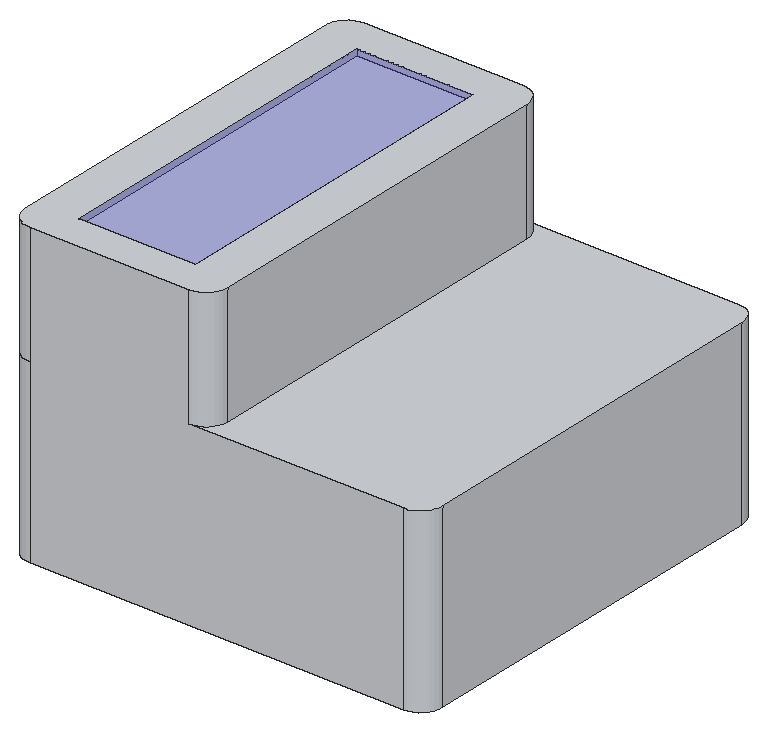
Revit family "Domotics-DomesticRanges-GEWISS-27COMBIDIN_SYSTEM-IP40_2M_4SY", category Apparecchi elettrici, host Superficie, Revit 2016
Family settings
  Host = Superficie
  Mantenere orientamento annotazione = No
  Tipo di parte = Normale
  Quota connettore circolare = Usa diametro
  Taglio con vuoti quando caricato = No
  Condiviso = No
  Punto di calcolo locali = No
Parameters (values of type "GW27071 - Enclosure 2mod.DIN+(2x2)mod. System")
  Version file RFA = "19.4"
  URL = "https://www.gewiss.com/ww/en"
  Type of knockout holes = "Removable with tool"
  Type of enclosure = "GP"
  Torque screws tightening = "0,8NM"
  Thermo-pressure with ball = "70 °C"
  Technical sheet = "https://www.gewiss.com/ww/en/search?q=GW27071"
  Standard; = "EN 60670-1 - EN 60670-24"
  Standard = "EN 60669-2-1"
  Shock resistance = "IK07"
  SEO = "Enclosure"
  Realized by GEWISS S.p.A. = ""
  Rated voltage: = "400V ac"
  Rated current (In) = "32A"
  Default Elevation = 1219.2 mm
  Profondità = 95 mm
  Produttore = "GEWISS S.p.A."
  Output contacts = "1NO 16 A (AC1) 250 V ac"
  Outer dim. LxHxD (mm) = "132x132x95"
  No. knockout holes Ã˜23 = "10 on sides / 2 on the bottom"
  No. knockout holes Ã˜ 23 = "10"
  No. SYSTEM modules = "4"
  No. DIN modules = "2"
  Modello = "GW27071"
  Lid screws = "Stainless steel"
  Larghezza = 132 mm
  Insulation voltage = "750V"
  Insulation class = "II"
  Installation temperature = "-25 +60 °C"
  Immagine tipo = GW27071.jpg
  IP degree = "IP40"
  IFC.TypeObject = ""
  IFC.ExportType = ""
  IFC.ExportAs = ""
  IDT = "1e104662-b0c2-4183-8d58-26241cd5dc0a"
  IDF = "d32ff7f1-8cb0-4db6-8fb0-ccd9dcd553d8"
  Glow Wire Test = "650°C"
  Electrocod = "0212"
  EAN code = "8011564055445"
  Door type = "Rigid"
  Door colour: = "Smoked Transparent"
  Dispersible power (W) = "13"
  Descrizione = "ENCLOSURE 2MOD.DIN+(2X2)MOD.SYSTEM"
  Configuration = "Module 2 x 2"
  Compartment pre-arrangement = "1"
  Colour = "Grey RAL 7035"
  Characteristics = "Halogen free"
  Catalogue Range = "27COMBI"
  Catalogue = "DOMOTICS"
  COBie.Tagnumber = ""
  COBie.CreatedOn = ""
  COBie.CreatebBy = ""
  COBie.ComponentRegisterItemID = ""
  COBie.Component.TagNumber = ""
  COBie.Component.Space = ""
  COBie.Component.SerialNumber = ""
  COBie.Component.InstallationDate = ""
  COBie.Component.Description = ""
  COBie.Component.BarCode = ""
  Altezza = 132 mm  # constant formula
Values of the unnamed type that differ from the named types
  Version file RFA = ""
  Type of knockout holes = ""
  Type of enclosure = ""
  Torque screws tightening = ""
  Thermo-pressure with ball = ""
  Technical sheet = ""
  Standard; = ""
  Standard = ""
  Shock resistance = ""
  SEO = ""
  Rated voltage: = ""
  Rated current (In) = ""
  Output contacts = ""
  Outer dim. LxHxD (mm) = ""
  No. knockout holes Ã˜23 = ""
  No. knockout holes Ã˜ 23 = ""
  No. SYSTEM modules = ""
  No. DIN modules = ""
  Lid screws = ""
  Insulation voltage = ""
  Insulation class = ""
  Installation temperature = ""
  IP degree = ""
  IDT = ""
  IDF = ""
  Glow Wire Test = ""
  Electrocod = ""
  EAN code = ""
  Door type = ""
  Door colour: = ""
  Dispersible power (W) = ""
  Configuration = ""
  Compartment pre-arrangement = ""
  Colour = ""
  Characteristics = ""
  Catalogue Range = ""
  Catalogue = ""
Reference planes
  plane 1 "Centro (Fronte/Retro)": y = 0
  plane 2: z = 0
  plane 3 "Centro (Sinistra/Destra)": x = 0
  plane 4 "Piano Allineamento Sportellino": z = 95
  plane 5: x = -2.56
  plane 6: z = 57.066
  plane 7: z = 32.066
  plane 8: z = 70
  plane 9: z = 93
  plane 10: x = 65.467
  plane 11: y = 66.019
  plane 12: y = -65.981
  plane 13: x = -66.533
  plane 14: x = -53.047
  plane 15: x = -52.047
  plane 16: x = -17.047
  plane 17: x = -16.047
  plane 18: y = 54.961
  plane 19: y = -53.961
  plane 20: y = -54.961
  plane 21: x = -16.047
  plane 22: x = -16.047
  plane 23: y = 53.961
  plane 24: x = 6.37
  plane 25: y = 2.72
  plane 26: y = -8.101
Forms (mm)
  Extrusion 1, solid
    sketch origin (0, -451.03, 0) x (1, 0, 0) y (0, 1, 0)
      loop
        line (-9.56, 517.049) -> (-59.533, 517.049)
        arc (-59.533, 517.049) -> (-64.483, 514.999) -> (-66.533, 510.049) r 7
        line (-66.533, 510.049) -> (-66.533, 392.049)
        arc (-66.533, 392.049) -> (-64.483, 387.1) -> (-59.533, 385.049) r 7
        line (-59.533, 385.049) -> (-9.56, 385.049)
        arc (-9.56, 385.049) -> (-4.61, 387.1) -> (-2.56, 392.049) r 7
        line (-2.56, 392.049) -> (-2.56, 510.049)
        arc (-2.56, 510.049) -> (-4.61, 514.999) -> (-9.56, 517.049) r 7
    from 57.066 to 95
  Extrusion 2, solid
    sketch origin (0, 0, 0) x (1, 0, 0) y (0, 1, 0)
      loop
        line (-66.533, 59.019) -> (-66.533, -58.981)
        arc (-66.533, -58.981) -> (-64.483, -63.931) -> (-59.533, -65.981) r 7
        line (-59.533, -65.981) -> (58.467, -65.981)
        arc (58.467, -65.981) -> (63.417, -63.931) -> (65.467, -58.981) r 7
        line (65.467, -58.981) -> (65.467, 59.019)
        arc (65.467, 59.019) -> (63.417, 63.969) -> (58.467, 66.019) r 7
        line (58.467, 66.019) -> (-59.533, 66.019)
        arc (-59.533, 66.019) -> (-64.483, 63.969) -> (-66.533, 59.019) r 7
    from 0 to 57.066
  Extrusion 3, void
    sketch origin (4.989, -5.381, 0) x (1, 0, 0) y (0, 1, 0)
      loop
        line (45.38, -2.72) -> (1.38, -2.72) -> (1.38, -49.58) -> (45.38, -49.58) -> (45.38, -2.72)
    from 32.066 to 57.066
  Extrusion 4, void
    sketch origin (0, 0, 0) x (1, 0, 0) y (0, 1, 0)
      loop
        line (-52.047, 53.961) -> (-52.047, -53.961) -> (-17.047, -53.961) -> (-17.047, 53.961) -> (-52.047, 53.961)
    from 70 to 93
  Extrusion 5, void
    sketch origin (0, 0, 0) x (1, 0, 0) y (0, 1, 0)
      loop
        line (-16.047, 54.961) -> (-53.047, 54.961) -> (-53.047, -54.961) -> (-16.047, -54.961) -> (-16.047, 54.961)
    from 93 to 95
  Extrusion 6, solid, material "GEWISS Sportellino"
    sketch origin (0, 0, 0) x (1, 0, 0) y (0, 1, 0)
      loop
        line (-16.047, 54.961) -> (-53.047, 54.961) -> (-53.047, -54.961) -> (-16.047, -54.961) -> (-16.047, 54.961)
    from 93 to 95
  Extrusion 7, void
    sketch origin (4.989, 52.299, 0) x (1, 0, 0) y (0, 1, 0)
      loop
        line (45.38, -2.72) -> (1.38, -2.72) -> (1.38, -49.58) -> (45.38, -49.58) -> (45.38, -2.72)
    from 32.066 to 57.066
Cuts and joins
  Extrusion 5, Extrusion 7 cuts Extrusion 1
  Extrusion 4 cuts Extrusion 2
  joined: Extrusion 1, Extrusion 2
Lines and regions (mm)
  Filled region 1, type "GW27071Q.DXF-1", in view "Livello rif."
    outline origin (0, 0, 0) x (1, 0, 0) y (0, 1, 0)
      loop
        line (260.935, -29.653) -> (261.769, -34.653) -> (262.602, -29.653) -> (260.935, -29.653)
  Filled region 2, type "GW27071Q.DXF-1", in view "Livello rif."
    outline origin (0, 0, 0) x (1, 0, 0) y (0, 1, 0)
      loop
        line (260.935, 92.347) -> (262.602, 92.347) -> (261.769, 97.347) -> (260.935, 92.347)
  Filled region 3, type "GW27071Q.DXF-1", in view "Livello rif."
    outline origin (0, 0, 0) x (1, 0, 0) y (0, 1, 0)
      loop
        line (105.985, -59.146) -> (100.985, -59.979) -> (105.985, -60.812) -> (105.985, -59.146)
  Filled region 4, type "GW27071Q.DXF-1", in view "Livello rif."
    outline origin (0, 0, 0) x (1, 0, 0) y (0, 1, 0)
      loop
        line (227.985, -59.146) -> (227.985, -60.812) -> (232.985, -59.979) -> (227.985, -59.146)
  Filled region 5, type "GW27071Q.DXF-1", in view "Livello rif."
    outline origin (0, 0, 0) x (1, 0, 0) y (0, 1, 0)
      loop
        line (120.381, 113.489) -> (115.381, 112.656) -> (120.381, 111.823) -> (120.381, 113.489)
  Filled region 6, type "GW27071Q.DXF-1", in view "Livello rif."
    outline origin (0, 0, 0) x (1, 0, 0) y (0, 1, 0)
      loop
        line (145.381, 113.489) -> (145.381, 111.823) -> (150.381, 112.656) -> (145.381, 113.489)
  Filled region 7, type "GW27071Q.DXF-1", in view "Livello rif."
    outline origin (0, 0, 0) x (1, 0, 0) y (0, 1, 0)
      loop
        line (249.289, 75.924) -> (250.956, 75.924) -> (250.123, 80.924) -> (249.289, 75.924)
  Filled region 8, type "GW27071Q.DXF-1", in view "Livello rif."
    outline origin (0, 0, 0) x (1, 0, 0) y (0, 1, 0)
      loop
        line (249.289, -12.076) -> (250.123, -17.076) -> (250.956, -12.076) -> (249.289, -12.076)
  Filled region 9, type "GW27071Q.DXF-1", in view "Livello rif."
    outline origin (0, 0, 0) x (1, 0, 0) y (0, 1, 0)
      loop
        line (116.985, -49.734) -> (111.985, -50.567) -> (116.985, -51.4) -> (116.985, -49.734)
  Filled region 10, type "GW27071Q.DXF-1", in view "Livello rif."
    outline origin (0, 0, 0) x (1, 0, 0) y (0, 1, 0)
      loop
        line (216.985, -49.734) -> (216.985, -51.4) -> (221.985, -50.567) -> (216.985, -49.734)
  Filled region 11, type "GW27071Q.DXF-1", in view "Livello rif."
    outline origin (0, 0, 0) x (1, 0, 0) y (0, 1, 0)
      loop
        line (53.574, 133.277) -> (53.574, 131.611) -> (58.574, 132.444) -> (53.574, 133.277)
  Filled region 12, type "GW27071Q.DXF-1", in view "Livello rif."
    outline origin (0, 0, 0) x (1, 0, 0) y (0, 1, 0)
      loop
        line (17.434, 133.277) -> (12.434, 132.444) -> (17.434, 131.611) -> (17.434, 133.277)
  Filled region 13, type "GW27071Q.DXF-1", in view "Livello rif."
    outline origin (0, 0, 0) x (1, 0, 0) y (0, 1, 0)
      loop
        line (17.434, 116.721) -> (12.434, 115.888) -> (17.434, 115.054) -> (17.434, 116.721)
  Filled region 14, type "GW27071Q.DXF-1", in view "Livello rif."
    outline origin (0, 0, 0) x (1, 0, 0) y (0, 1, 0)
      loop
        line (37.434, 116.721) -> (37.434, 115.054) -> (42.434, 115.888) -> (37.434, 116.721)
  Filled region 15, type "GW27071Q.DXF-1", in view "Livello rif."
    outline origin (0, 0, 0) x (1, 0, 0) y (0, 1, 0)
      loop
        line (47.434, 116.721) -> (42.434, 115.888) -> (47.434, 115.054) -> (47.434, 116.721)
  Filled region 16, type "GW27071Q.DXF-1", in view "Livello rif."
    outline origin (0, 0, 0) x (1, 0, 0) y (0, 1, 0)
      loop
        line (53.574, 116.721) -> (53.574, 115.054) -> (58.574, 115.888) -> (53.574, 116.721)
  Filled region 17, type "GW27071Q.DXF-1", in view "Livello rif."
    outline origin (0, 0, 0) x (1, 0, 0) y (0, 1, 0)
      loop
        line (34.678, -62.533) -> (34.678, -64.2) -> (39.678, -63.366) -> (34.678, -62.533)
  Filled region 18, type "GW27071Q.DXF-1", in view "Livello rif."
    outline origin (0, 0, 0) x (1, 0, 0) y (0, 1, 0)
      loop
        line (17.938, -62.533) -> (12.938, -63.366) -> (17.938, -64.2) -> (17.938, -62.533)
  Filled region 19, type "GW27071Q.DXF-1", in view "Livello rif."
    outline origin (0, 0, 0) x (1, 0, 0) y (0, 1, 0)
      loop
        line (34.678, -45.003) -> (34.678, -46.67) -> (39.678, -45.836) -> (34.678, -45.003)
  Filled region 20, type "GW27071Q.DXF-1", in view "Livello rif."
    outline origin (0, 0, 0) x (1, 0, 0) y (0, 1, 0)
      loop
        line (42.138, -45.003) -> (37.138, -45.836) -> (42.138, -46.67) -> (42.138, -45.003)
  Filled region 21, type "GW27071Q.DXF-1", in view "Livello rif."
    outline origin (0, 0, 0) x (1, 0, 0) y (0, 1, 0)
      loop
        line (44.678, -44.823) -> (39.678, -45.656) -> (44.678, -46.49) -> (44.678, -44.823)
  Filled region 22, type "GW27071Q.DXF-1", in view "Livello rif."
    outline origin (0, 0, 0) x (1, 0, 0) y (0, 1, 0)
      loop
        line (52.278, -44.823) -> (52.278, -46.49) -> (57.278, -45.656) -> (52.278, -44.823)
  Filled region 23, type "GW27071Q.DXF-1", in view "Livello rif."
    outline origin (0, 0, 0) x (1, 0, 0) y (0, 1, 0)
      loop
        line (212.797, 109.74) -> (212.797, 108.073) -> (217.797, 108.907) -> (212.797, 109.74)
  Filled region 24, type "GW27071Q.DXF-1", in view "Livello rif."
    outline origin (0, 0, 0) x (1, 0, 0) y (0, 1, 0)
      loop
        line (176.797, 109.74) -> (171.797, 108.907) -> (176.797, 108.073) -> (176.797, 109.74)
  Filled region 25, type "GW27071Q.DXF-1", in view "Sinistra"
    outline origin (0, 0, 0) x (0, -1, 0) y (0, 0, 1)
      loop
        line (101.84, 5) -> (100.174, 5) -> (101.007, 0) -> (101.84, 5)
  Filled region 26, type "GW27071Q.DXF-1", in view "Sinistra"
    outline origin (0, 0, 0) x (0, -1, 0) y (0, 0, 1)
      loop
        line (101.84, 90) -> (101.007, 95) -> (100.174, 90) -> (101.84, 90)
  Filled region 27, type "GW27071Q.DXF-1", in view "Sinistra"
    outline origin (0, 0, 0) x (0, -1, 0) y (0, 0, 1)
      loop
        line (85.284, 90) -> (84.451, 95) -> (83.617, 90) -> (85.284, 90)
  Filled region 28, type "GW27071Q.DXF-1", in view "Sinistra"
    outline origin (0, 0, 0) x (0, -1, 0) y (0, 0, 1)
      loop
        line (85.284, 70) -> (83.617, 70) -> (84.451, 65) -> (85.284, 70)
  Filled region 29, type "GW27071Q.DXF-1", in view "Sinistra"
    outline origin (0, 0, 0) x (0, -1, 0) y (0, 0, 1)
      loop
        line (85.284, 60) -> (84.451, 65) -> (83.617, 60) -> (85.284, 60)
  Filled region 30, type "GW27071Q.DXF-1", in view "Sinistra"
    outline origin (0, 0, 0) x (0, -1, 0) y (0, 0, 1)
      loop
        line (85.284, 5) -> (83.617, 5) -> (84.451, 0) -> (85.284, 5)
  Filled region 31, type "GW27071Q.DXF-1", in view "Sinistra"
    outline origin (0, 0, 0) x (0, -1, 0) y (0, 0, 1)
      loop
        line (-93.97, 23.896) -> (-95.637, 23.896) -> (-94.803, 18.896) -> (-93.97, 23.896)
  Filled region 32, type "GW27071Q.DXF-1", in view "Sinistra"
    outline origin (0, 0, 0) x (0, -1, 0) y (0, 0, 1)
      loop
        line (-93.97, 89.496) -> (-94.803, 94.496) -> (-95.637, 89.496) -> (-93.97, 89.496)
  Filled region 33, type "GW27071Q.DXF-1", in view "Sinistra"
    outline origin (0, 0, 0) x (0, -1, 0) y (0, 0, 1)
      loop
        line (-76.44, 23.896) -> (-78.107, 23.896) -> (-77.273, 18.896) -> (-76.44, 23.896)
  Filled region 34, type "GW27071Q.DXF-1", in view "Sinistra"
    outline origin (0, 0, 0) x (0, -1, 0) y (0, 0, 1)
      loop
        line (-76.44, 65.296) -> (-77.273, 70.296) -> (-78.107, 65.296) -> (-76.44, 65.296)
  Filled region 35, type "GW27071Q.DXF-1", in view "Sinistra"
    outline origin (0, 0, 0) x (0, -1, 0) y (0, 0, 1)
      loop
        line (-76.26, 58.896) -> (-77.927, 58.896) -> (-77.093, 18.896) -> (-76.26, 58.896)
  Filled region 36, type "GW27071Q.DXF-1", in view "Sinistra"
    outline origin (0, 0, 0) x (0, -1, 0) y (0, 0, 1)
      loop
        line (-76.26, 51.296) -> (-77.927, 51.296) -> (-77.093, 1.296) -> (-76.26, 51.296)
  Filled region 37, type "GW27071Q.DXF-1", in view "Sinistra", not visible
    outline origin (0, 0, 0) x (0, -1, 0) y (0, 0, 1)
      loop
        line (295.687, 963.746) -> (295.687, 962.08) -> (300.687, 962.913) -> (295.687, 963.746)
  Filled region 38, type "GW27071Q.DXF-1", in view "Sinistra", not visible
    outline origin (0, 0, 0) x (0, -1, 0) y (0, 0, 1)
      loop
        line (210.687, 963.746) -> (205.687, 962.913) -> (210.687, 962.08) -> (210.687, 963.746)
  Filled region 39, type "GW27071Q.DXF-1", in view "Sinistra", not visible
    outline origin (0, 0, 0) x (0, -1, 0) y (0, 0, 1)
      loop
        line (210.687, 947.19) -> (205.687, 946.356) -> (210.687, 945.523) -> (210.687, 947.19)
  Filled region 40, type "GW27071Q.DXF-1", in view "Sinistra", not visible
    outline origin (0, 0, 0) x (0, -1, 0) y (0, 0, 1)
      loop
        line (230.687, 947.19) -> (230.687, 945.523) -> (235.687, 946.356) -> (230.687, 947.19)
  Filled region 41, type "GW27071Q.DXF-1", in view "Sinistra", not visible
    outline origin (0, 0, 0) x (0, -1, 0) y (0, 0, 1)
      loop
        line (240.687, 947.19) -> (235.687, 946.356) -> (240.687, 945.523) -> (240.687, 947.19)
  Filled region 42, type "GW27071Q.DXF-1", in view "Sinistra", not visible
    outline origin (0, 0, 0) x (0, -1, 0) y (0, 0, 1)
      loop
        line (295.687, 947.19) -> (295.687, 945.523) -> (300.687, 946.356) -> (295.687, 947.19)
  Filled region 43, type "GW27071Q.DXF-1", in view "Sinistra", not visible
    outline origin (0, 0, 0) x (0, -1, 0) y (0, 0, 1)
      loop
        line (276.791, 767.936) -> (276.791, 766.269) -> (281.791, 767.103) -> (276.791, 767.936)
  Filled region 44, type "GW27071Q.DXF-1", in view "Sinistra", not visible
    outline origin (0, 0, 0) x (0, -1, 0) y (0, 0, 1)
      loop
        line (211.191, 767.936) -> (206.191, 767.103) -> (211.191, 766.269) -> (211.191, 767.936)
  Filled region 45, type "GW27071Q.DXF-1", in view "Sinistra", not visible
    outline origin (0, 0, 0) x (0, -1, 0) y (0, 0, 1)
      loop
        line (276.791, 785.466) -> (276.791, 783.799) -> (281.791, 784.632) -> (276.791, 785.466)
  Filled region 46, type "GW27071Q.DXF-1", in view "Sinistra", not visible
    outline origin (0, 0, 0) x (0, -1, 0) y (0, 0, 1)
      loop
        line (235.391, 785.466) -> (230.391, 784.632) -> (235.391, 783.799) -> (235.391, 785.466)
  Filled region 47, type "GW27071Q.DXF-1", in view "Sinistra", not visible
    outline origin (0, 0, 0) x (0, -1, 0) y (0, 0, 1)
      loop
        line (286.791, 785.646) -> (281.791, 784.812) -> (286.791, 783.979) -> (286.791, 785.646)
  Filled region 48, type "GW27071Q.DXF-1", in view "Sinistra", not visible
    outline origin (0, 0, 0) x (0, -1, 0) y (0, 0, 1)
      loop
        line (294.391, 785.646) -> (294.391, 783.979) -> (299.391, 784.812) -> (294.391, 785.646)
  model lines, detail levels fine
    curve 1: line (-14.013, 63.947, 95) -> (-14.013, 53.914, 95)
    curve 2: line (-9.267, 58.93, 95) -> (-18.758, 58.93, 95)
    curve 3: line (-14.013, -63.947, 95) -> (-14.013, -53.914, 95)
    curve 4: line (-9.267, -58.93, 95) -> (-18.758, -58.93, 95)
    curve 5: line (59.16, -63.911, 57.066) -> (59.16, -53.878, 57.066)
    curve 6: line (63.901, -58.899, 57.066) -> (54.39, -58.899, 57.066)
    curve 7: line (59.16, 63.947, 57.066) -> (59.16, 53.914, 57.066)
    curve 8: line (63.901, 58.935, 57.066) -> (54.41, 58.935, 57.066)
    curve 9: line (-60.216, -63.947, 95) -> (-60.216, -53.914, 95)
    curve 10: line (-64.957, -58.935, 95) -> (-55.442, -58.935, 95)
    curve 11: line (-60.216, 63.947, 95) -> (-60.216, 53.961, 95)
    curve 12: line (-64.957, 58.935, 95) -> (-55.466, 58.935, 95)
    curve 13: circle (-14.013, 58.93, 95) r 2.983 normal (0, 0, 1)
    curve 14: circle (-14.013, -58.93, 95) r 2.983 normal (0, 0, 1)
    curve 17: circle (59.155, -58.899, 57.066) r 2.983 normal (0, 0, 1)
    curve 18: circle (59.155, 58.935, 57.066) r 2.983 normal (0, 0, 1)
    curve 19: circle (-60.211, -58.935, 95) r 2.983 normal (0, 0, 1)
    curve 20: circle (-60.211, 58.935, 95) r 2.983 normal (0, 0, 1)
    curve 22: line (-16.147, 61.014, 95) -> (-11.878, 56.847, 95)
    curve 23: line (-16.147, -61.014, 95) -> (-11.878, -56.847, 95)
    curve 24: line (57.021, -60.983, 57.066) -> (61.29, -56.815, 57.066)
    curve 25: line (57.021, 61.019, 57.066) -> (61.29, 56.851, 57.066)
    curve 26: line (-58.077, -61.019, 95) -> (-62.346, -56.851, 95)
    curve 27: line (-58.077, 61.019, 95) -> (-62.346, 56.851, 95)
  model lines
    curve 15: arc (65.467, 58.93, 0) -> (63.423, 63.94, 0) -> (58.428, 66.019, 0) r 7.039
    curve 16: arc (58.063, -66.006, 0) -> (63.067, -63.923, 0) -> (65.115, -58.905, 0) r 7.052
    curve 21: line (58.063, -66.006, 0) -> (-60.213, -66.006, 0)
  model lines, not visible
    curve 28: arc (276.741, -20.994, 0) -> (277.939, -18.365, 0) -> (277.918, -15.476, 0) r 6.7
    curve 29: arc (264.087, -16.92, 0) -> (264.693, -19.757, 0) -> (266.434, -22.078, 0) r 6.754
    curve 30: arc (268.608, -16.92, 0) -> (269.839, -19.067, 0) -> (272.314, -19.095, 0) r 2.493
    curve 31: arc (268.969, -24.605, 0) -> (271.825, -24.886, 0) -> (274.574, -24.062, 0) r 7.427
    curve 32: arc (276.741, -12.853, 0) -> (274.6, -10.93, 0) -> (271.859, -10.052, 0) r 6.874
    curve 33: arc (268.969, -10.326, 0) -> (266.449, -11.778, 0) -> (264.721, -14.118, 0) r 7.102
    curve 34: arc (273.578, -16.92, 0) -> (272.344, -14.78, 0) -> (269.874, -14.755, 0) r 2.491
    curve 35: arc (268.969, -24.605, 0) -> (271.82, -24.986, 0) -> (274.546, -24.065, 0) r 6.329
    curve 36: arc (272.314, 81.969, 0) -> (269.839, 81.941, 0) -> (268.608, 79.794, 0) r 2.493
    curve 37: arc (274.574, 86.936, 0) -> (271.825, 87.76, 0) -> (268.969, 87.479, 0) r 7.427
    curve 38: arc (274.546, 86.939, 0) -> (271.82, 87.86, 0) -> (268.969, 87.479, 0) r 6.329
    curve 39: arc (266.434, 84.952, 0) -> (264.693, 82.631, 0) -> (264.087, 79.794, 0) r 6.754
    curve 40: arc (264.721, 76.992, 0) -> (266.449, 74.652, 0) -> (268.969, 73.2, 0) r 7.102
    curve 41: arc (277.918, 78.35, 0) -> (277.939, 81.239, 0) -> (276.741, 83.868, 0) r 6.7
    curve 42: arc (269.874, 77.629, 0) -> (272.344, 77.654, 0) -> (273.578, 79.794, 0) r 2.491
    curve 43: arc (271.859, 72.926, 0) -> (274.6, 73.804, 0) -> (276.741, 75.727, 0) r 6.874
    curve 44: arc (159.373, -19.095, 0) -> (161.848, -19.067, 0) -> (163.079, -16.92, 0) r 2.493
    curve 45: arc (157.113, -24.062, 0) -> (159.862, -24.886, 0) -> (162.719, -24.605, 0) r 7.427
    curve 46: arc (157.142, -24.065, 0) -> (159.867, -24.986, 0) -> (162.719, -24.605, 0) r 6.329
    curve 47: arc (165.253, -22.078, 0) -> (166.994, -19.757, 0) -> (167.601, -16.92, 0) r 6.754
    curve 48: arc (166.966, -14.118, 0) -> (165.239, -11.778, 0) -> (162.719, -10.326, 0) r 7.102
    curve 49: arc (153.769, -15.476, 0) -> (153.748, -18.365, 0) -> (154.946, -20.994, 0) r 6.7
    curve 50: arc (161.813, -14.755, 0) -> (159.343, -14.78, 0) -> (158.11, -16.92, 0) r 2.491
    curve 51: arc (159.828, -10.052, 0) -> (157.087, -10.93, 0) -> (154.946, -12.853, 0) r 6.874
    curve 52: arc (154.946, 75.727, 0) -> (157.087, 73.804, 0) -> (159.828, 72.926, 0) r 6.874
    curve 53: arc (162.719, 73.2, 0) -> (165.239, 74.652, 0) -> (166.966, 76.992, 0) r 7.102
    curve 54: arc (162.719, 87.479, 0) -> (159.867, 87.86, 0) -> (157.142, 86.939, 0) r 6.329
    curve 55: arc (162.719, 87.479, 0) -> (159.862, 87.76, 0) -> (157.113, 86.936, 0) r 7.427
    curve 56: arc (163.079, 79.794, 0) -> (161.848, 81.941, 0) -> (159.373, 81.969, 0) r 2.493
    curve 57: arc (167.601, 79.794, 0) -> (166.994, 82.631, 0) -> (165.253, 84.952, 0) r 6.754
    curve 58: arc (158.11, 79.794, 0) -> (159.343, 77.654, 0) -> (161.813, 77.629, 0) r 2.491
    curve 59: arc (154.946, 83.868, 0) -> (153.748, 81.239, 0) -> (153.769, 78.35, 0) r 6.7
    curve 60: line (266.434, -22.078, 0) -> (264.087, -16.92, 0)
    curve 61: line (277.918, -15.476, 0) -> (276.741, -20.994, 0)
    curve 62: line (272.314, -19.095, 0) -> (268.608, -16.92, 0)
    curve 63: line (274.574, -24.062, 0) -> (268.969, -24.605, 0)
    curve 64: line (271.859, -10.052, 0) -> (276.741, -12.853, 0)
    curve 65: line (264.721, -14.118, 0) -> (268.969, -10.326, 0)
    curve 66: line (269.874, -14.755, 0) -> (273.578, -16.92, 0)
    curve 67: line (272.314, 81.969, 0) -> (268.608, 79.794, 0)
    curve 68: line (274.574, 86.936, 0) -> (268.969, 87.479, 0)
    curve 69: line (266.434, 84.952, 0) -> (264.087, 79.794, 0)
    curve 70: line (264.721, 76.992, 0) -> (268.969, 73.2, 0)
    curve 71: line (277.918, 78.35, 0) -> (276.741, 83.868, 0)
    curve 72: line (269.874, 77.629, 0) -> (273.578, 79.794, 0)
    curve 73: line (271.859, 72.926, 0) -> (276.741, 75.727, 0)
    curve 74: line (159.373, -19.095, 0) -> (163.079, -16.92, 0)
    curve 75: line (157.113, -24.062, 0) -> (162.719, -24.605, 0)
    curve 76: line (165.253, -22.078, 0) -> (167.601, -16.92, 0)
    curve 77: line (166.966, -14.118, 0) -> (162.719, -10.326, 0)
    curve 78: line (153.769, -15.476, 0) -> (154.946, -20.994, 0)
    curve 79: line (161.813, -14.755, 0) -> (158.11, -16.92, 0)
    curve 80: line (159.828, -10.052, 0) -> (154.946, -12.853, 0)
    curve 81: line (159.828, 72.926, 0) -> (154.946, 75.727, 0)
    curve 82: line (166.966, 76.992, 0) -> (162.719, 73.2, 0)
    curve 83: line (157.142, 86.939, 0) -> (162.719, 87.479, 0)
    curve 84: line (159.373, 81.969, 0) -> (163.079, 79.794, 0)
    curve 85: line (165.253, 84.952, 0) -> (167.601, 79.794, 0)
    curve 86: line (161.813, 77.629, 0) -> (158.11, 79.794, 0)
    curve 87: line (153.769, 78.35, 0) -> (154.946, 83.868, 0)
    curve 88: line (202.275, 95.384, 0) -> (202.275, 85.351, 0)
    curve 89: line (207.021, 90.368, 0) -> (197.53, 90.368, 0)
    curve 90: line (202.275, -32.51, 0) -> (202.275, -22.477, 0)
    curve 91: line (207.021, -27.493, 0) -> (197.53, -27.493, 0)
    curve 92: line (275.615, -32.51, 0) -> (275.615, -22.477, 0)
    curve 93: line (280.356, -27.498, 0) -> (270.845, -27.498, 0)
    curve 94: line (275.615, 95.384, 0) -> (275.615, 85.351, 0)
    curve 95: line (280.356, 90.372, 0) -> (270.865, 90.372, 0)
    curve 96: line (156.072, -32.51, 0) -> (156.072, -22.477, 0)
    curve 97: line (151.331, -27.498, 0) -> (160.845, -27.498, 0)
    curve 98: line (156.072, 95.384, 0) -> (156.072, 85.351, 0)
    curve 99: line (151.331, 90.372, 0) -> (160.822, 90.372, 0)
    curve 100: line (289.744, 31.437, 0) -> (142.831, 31.437, 0)
    curve 101: arc (156.804, 97.456, 0) -> (151.809, 95.377, 0) -> (149.765, 90.368, 0) r 7.039
    curve 102: arc (195.602, -22.524, 0) -> (181.766, -8.688, 0) -> (167.931, -22.524, 0) r 13.836
    curve 103: arc (196.241, -22.524, 0) -> (198.363, -21.645, 0) -> (199.241, -19.524, 0) r 3
    curve 104: arc (199.241, 82.398, 0) -> (198.363, 84.519, 0) -> (196.241, 85.398, 0) r 3
    curve 105: circle (202.275, 90.368, 0) r 2.983 normal (0, 0, 1)
    curve 106: circle (202.275, -27.493, 0) r 2.983 normal (0, 0, 1)
    curve 107: arc (213.717, 90.368, 0) -> (211.673, 95.377, 0) -> (206.678, 97.456, 0) r 7.039
    curve 108: arc (149.765, -27.493, 0) -> (151.559, -32.237, 0) -> (156.075, -34.544, 0) r 7.039
    curve 109: arc (206.678, -34.582, 0) -> (211.673, -32.503, 0) -> (213.717, -27.493, 0) r 7.039
    curve 110: arc (281.922, 90.368, 0) -> (279.878, 95.377, 0) -> (274.883, 97.456, 0) r 7.039
    curve 111: arc (274.883, -34.582, 0) -> (279.878, -32.503, 0) -> (281.922, -27.493, 0) r 7.039
    curve 112: arc (222.657, 27.687, 0) -> (221.243, 27.101, 0) -> (220.657, 25.687, 0) r 2
    curve 113: arc (266.657, 25.687, 0) -> (266.072, 27.101, 0) -> (264.657, 27.687, 0) r 2
    curve 114: arc (266.657, 22.687, 0) -> (266.072, 24.101, 0) -> (264.657, 24.687, 0) r 2
    curve 115: arc (264.657, -20.313, 0) -> (266.072, -19.727, 0) -> (266.657, -18.313, 0) r 2
    curve 116: arc (220.657, -18.313, 0) -> (221.243, -19.727, 0) -> (222.657, -20.313, 0) r 2
    curve 117: arc (244.109, -18.327, 0) -> (244.648, -19.498, 0) -> (245.647, -20.313, 0) r 2.858
    curve 118: arc (241.574, -20.313, 0) -> (242.573, -19.498, 0) -> (243.112, -18.327, 0) r 2.858
    curve 119: arc (222.657, 24.687, 0) -> (221.243, 24.101, 0) -> (220.657, 22.687, 0) r 2
    curve 120: arc (243.112, 22.701, 0) -> (242.573, 23.872, 0) -> (241.574, 24.687, 0) r 2.858
    curve 121: arc (245.647, 24.687, 0) -> (244.648, 23.872, 0) -> (244.109, 22.701, 0) r 2.858
    curve 122: arc (220.657, 37.187, 0) -> (221.243, 35.773, 0) -> (222.657, 35.187, 0) r 2
    curve 123: arc (222.657, 80.187, 0) -> (221.243, 79.601, 0) -> (220.657, 78.187, 0) r 2
    curve 124: arc (222.657, 83.187, 0) -> (221.243, 82.601, 0) -> (220.657, 81.187, 0) r 2
    curve 125: circle (275.611, -27.498, 0) r 2.983 normal (0, 0, 1)
    curve 126: circle (275.611, 90.372, 0) r 2.983 normal (0, 0, 1)
    curve 127: arc (241.574, 35.187, 0) -> (242.573, 36.002, 0) -> (243.112, 37.173, 0) r 2.858
    curve 128: arc (244.109, 37.173, 0) -> (244.648, 36.002, 0) -> (245.647, 35.187, 0) r 2.858
    curve 129: arc (245.647, 80.187, 0) -> (244.648, 79.372, 0) -> (244.109, 78.201, 0) r 2.858
    curve 130: arc (243.112, 78.201, 0) -> (242.573, 79.372, 0) -> (241.574, 80.187, 0) r 2.858
    curve 131: arc (264.657, 35.187, 0) -> (266.072, 35.773, 0) -> (266.657, 37.187, 0) r 2
    curve 132: arc (266.657, 78.187, 0) -> (266.072, 79.601, 0) -> (264.657, 80.187, 0) r 2
    curve 133: arc (266.657, 81.187, 0) -> (266.072, 82.601, 0) -> (264.657, 83.187, 0) r 2
    curve 134: circle (156.077, -27.498, 0) r 2.983 normal (0, 0, 1)
    curve 135: arc (164.241, -19.524, 0) -> (165.12, -21.645, 0) -> (167.241, -22.524, 0) r 3
    curve 136: circle (156.077, 90.372, 0) r 2.983 normal (0, 0, 1)
    curve 137: arc (167.241, 85.398, 0) -> (165.12, 84.519, 0) -> (164.241, 82.398, 0) r 3
    curve 138: line (281.845, -27.493, 0) -> (281.845, 90.368, 0)
    curve 139: line (275.613, -34.544, 0) -> (156.075, -34.544, 0)
    curve 140: line (149.755, 90.368, 0) -> (149.755, -27.493, 0)
    curve 141: line (213.728, 90.368, 0) -> (213.728, -27.493, 0)
    curve 142: line (196.241, -22.524, 0) -> (167.241, -22.524, 0)
    curve 143: line (167.241, 85.398, 0) -> (196.241, 85.398, 0)
    curve 144: line (164.241, -19.524, 0) -> (164.241, 82.398, 0)
    curve 145: line (188.195, -2.552, 0) -> (193.792, -2.552, 0)
    curve 146: line (188.195, 8.478, 0) -> (193.792, 8.478, 0)
    curve 147: line (199.241, -19.524, 0) -> (199.241, 82.398, 0)
    curve 148: line (164.241, 65.427, 0) -> (199.241, 65.427, 0)
    curve 149: line (164.241, 54.396, 0) -> (199.241, 54.396, 0)
    curve 150: line (164.241, 8.478, 0) -> (199.241, 8.478, 0)
    curve 151: line (164.241, -2.552, 0) -> (199.241, -2.552, 0)
    curve 152: line (164.241, -15.562, 0) -> (199.241, -15.562, 0)
    curve 153: line (200.141, 92.451, 0) -> (204.41, 88.284, 0)
    curve 154: line (200.141, -29.577, 0) -> (204.41, -25.41, 0)
    curve 155: line (274.883, 97.456, 0) -> (156.804, 97.456, 0)
    curve 156: line (220.657, -18.313, 0) -> (220.657, 24.687, 0)
    curve 157: line (220.657, 24.687, 0) -> (220.657, 25.687, 0)
    curve 158: line (266.657, 25.687, 0) -> (266.657, -18.313, 0)
    curve 159: line (225.668, -20.313, 0) -> (225.668, -18.327, 0)
    curve 160: line (225.668, -18.327, 0) -> (239.681, -18.327, 0)
    curve 161: line (239.681, -18.327, 0) -> (239.681, -20.313, 0)
    curve 162: line (264.657, -20.313, 0) -> (222.657, -20.313, 0)
    curve 163: line (247.634, -20.313, 0) -> (247.634, -18.327, 0)
    curve 164: line (247.634, -18.327, 0) -> (261.647, -18.327, 0)
    curve 165: line (261.647, -18.327, 0) -> (261.647, -20.313, 0)
    curve 166: line (243.112, -18.327, 0) -> (244.109, -18.327, 0)
    curve 167: line (244.109, -18.327, 0) -> (243.112, -18.327, 0)
    curve 168: line (225.668, 24.687, 0) -> (225.668, 22.701, 0)
    curve 169: line (225.668, 22.701, 0) -> (239.681, 22.701, 0)
    curve 170: line (239.681, 22.701, 0) -> (239.681, 24.687, 0)
    curve 171: line (222.657, 24.687, 0) -> (264.657, 24.687, 0)
    curve 172: line (247.634, 24.687, 0) -> (247.634, 22.701, 0)
    curve 173: line (247.634, 22.701, 0) -> (261.647, 22.701, 0)
    curve 174: line (261.647, 22.701, 0) -> (261.647, 24.687, 0)
    curve 175: line (243.112, 22.701, 0) -> (244.109, 22.701, 0)
    curve 176: line (244.109, 22.701, 0) -> (243.112, 22.701, 0)
    curve 177: line (220.657, 37.187, 0) -> (220.657, 80.187, 0)
    curve 178: line (220.657, 80.187, 0) -> (220.657, 81.187, 0)
    curve 179: line (222.657, 27.687, 0) -> (264.657, 27.687, 0)
    curve 180: line (222.657, 35.187, 0) -> (264.657, 35.187, 0)
    curve 181: line (264.657, 35.187, 0) -> (222.657, 35.187, 0)
    curve 182: line (264.657, 80.187, 0) -> (222.657, 80.187, 0)
    curve 183: line (222.657, 80.187, 0) -> (264.657, 80.187, 0)
    curve 184: line (273.476, -29.582, 0) -> (277.745, -25.414, 0)
    curve 185: line (273.476, 92.456, 0) -> (277.745, 88.288, 0)
    curve 186: line (247.634, 80.187, 0) -> (247.634, 78.201, 0)
    curve 187: line (247.634, 78.201, 0) -> (261.647, 78.201, 0)
    curve 188: line (261.647, 78.201, 0) -> (261.647, 80.187, 0)
    curve 189: line (222.657, 83.187, 0) -> (264.657, 83.187, 0)
    curve 190: line (247.634, 35.187, 0) -> (247.634, 37.173, 0)
    curve 191: line (247.634, 37.173, 0) -> (261.647, 37.173, 0)
    curve 192: line (261.647, 37.173, 0) -> (261.647, 35.187, 0)
    curve 193: line (225.668, 35.187, 0) -> (225.668, 37.173, 0)
    curve 194: line (225.668, 37.173, 0) -> (239.681, 37.173, 0)
    curve 195: line (239.681, 37.173, 0) -> (239.681, 35.187, 0)
    curve 196: line (244.109, 37.173, 0) -> (243.112, 37.173, 0)
    curve 197: line (243.112, 37.173, 0) -> (244.109, 37.173, 0)
    curve 198: line (225.668, 80.187, 0) -> (225.668, 78.201, 0)
    curve 199: line (225.668, 78.201, 0) -> (239.681, 78.201, 0)
    curve 200: line (239.681, 78.201, 0) -> (239.681, 80.187, 0)
    curve 201: line (244.109, 78.201, 0) -> (243.112, 78.201, 0)
    curve 202: line (243.112, 78.201, 0) -> (244.109, 78.201, 0)
    curve 203: line (266.657, 81.187, 0) -> (266.657, 37.187, 0)
    curve 204: line (158.211, -29.582, 0) -> (153.942, -25.414, 0)
    curve 205: line (158.211, 92.456, 0) -> (153.942, 88.288, 0)
    curve 206: line (283.203, -34.653, 0) -> (311.879, -34.653, 0)
    curve 207: line (283.203, 97.347, 0) -> (311.879, 97.347, 0)
    curve 208: line (310.629, -29.653, 0) -> (310.629, 92.347, 0)
    curve 209: line (309.796, -29.653, 0) -> (311.463, -29.653, 0)
    curve 210: line (311.463, -29.653, 0) -> (310.629, -34.653, 0)
    curve 211: line (310.629, -34.653, 0) -> (309.796, -29.653, 0)
    curve 212: line (309.796, 92.347, 0) -> (311.463, 92.347, 0)
    curve 213: line (311.463, 92.347, 0) -> (310.629, 97.347, 0)
    curve 214: line (310.629, 97.347, 0) -> (309.796, 92.347, 0)
    curve 215: line (149.845, -38.932, 0) -> (149.845, -61.229, 0)
    curve 216: line (281.845, -38.932, 0) -> (281.845, -61.229, 0)
    curve 217: line (154.845, -59.979, 0) -> (276.845, -59.979, 0)
    curve 218: line (154.845, -59.146, 0) -> (154.845, -60.812, 0)
    curve 219: line (154.845, -60.812, 0) -> (149.845, -59.979, 0)
    curve 220: line (149.845, -59.979, 0) -> (154.845, -59.146, 0)
    curve 221: line (276.845, -59.146, 0) -> (276.845, -60.812, 0)
    curve 222: line (276.845, -60.812, 0) -> (281.845, -59.979, 0)
    curve 223: line (281.845, -59.979, 0) -> (276.845, -59.146, 0)
    curve 224: line (164.241, 91.052, 0) -> (164.241, 113.906, 0)
    curve 225: line (199.241, 91.052, 0) -> (199.241, 113.906, 0)
    curve 226: line (169.241, 112.656, 0) -> (194.241, 112.656, 0)
    curve 227: line (169.241, 113.489, 0) -> (169.241, 111.823, 0)
    curve 228: line (169.241, 111.823, 0) -> (164.241, 112.656, 0)
    curve 229: line (164.241, 112.656, 0) -> (169.241, 113.489, 0)
    curve 230: line (194.241, 113.489, 0) -> (194.241, 111.823, 0)
    curve 231: line (194.241, 111.823, 0) -> (199.241, 112.656, 0)
    curve 232: line (199.241, 112.656, 0) -> (194.241, 113.489, 0)
    curve 233: line (271.876, 80.924, 0) -> (300.233, 80.924, 0)
    curve 234: line (271.876, -17.076, 0) -> (300.233, -17.076, 0)
    curve 235: line (298.983, 75.924, 0) -> (298.983, -12.076, 0)
    curve 236: line (298.15, 75.924, 0) -> (299.817, 75.924, 0)
    curve 237: line (299.817, 75.924, 0) -> (298.983, 80.924, 0)
    curve 238: line (298.983, 80.924, 0) -> (298.15, 75.924, 0)
    curve 239: line (298.15, -12.076, 0) -> (299.817, -12.076, 0)
    curve 240: line (299.817, -12.076, 0) -> (298.983, -17.076, 0)
    curve 241: line (298.983, -17.076, 0) -> (298.15, -12.076, 0)
    curve 242: line (160.845, -18.231, 0) -> (160.845, -51.817, 0)
    curve 243: line (270.845, -18.233, 0) -> (270.845, -51.817, 0)
    curve 244: line (165.845, -50.567, 0) -> (265.845, -50.567, 0)
    curve 245: line (165.845, -49.734, 0) -> (165.845, -51.4, 0)
    curve 246: line (165.845, -51.4, 0) -> (160.845, -50.567, 0)
    curve 247: line (160.845, -50.567, 0) -> (165.845, -49.734, 0)
    curve 248: line (265.845, -49.734, 0) -> (265.845, -51.4, 0)
    curve 249: line (265.845, -51.4, 0) -> (270.845, -50.567, 0)
    curve 250: line (270.845, -50.567, 0) -> (265.845, -49.734, 0)
    curve 251: line (266.657, 86.812, 0) -> (266.657, 110.157, 0)
    curve 252: line (220.657, 86.812, 0) -> (220.657, 110.157, 0)
    curve 253: line (261.657, 108.907, 0) -> (225.657, 108.907, 0)
    curve 254: line (261.657, 109.74, 0) -> (261.657, 108.073, 0)
    curve 255: line (261.657, 108.073, 0) -> (266.657, 108.907, 0)
    curve 256: line (266.657, 108.907, 0) -> (261.657, 109.74, 0)
    curve 257: line (225.657, 109.74, 0) -> (225.657, 108.073, 0)
    curve 258: line (225.657, 108.073, 0) -> (220.657, 108.907, 0)
    curve 259: line (220.657, 108.907, 0) -> (225.657, 109.74, 0)
    curve 260: line (0, -311.602, 861.906) -> (0, -192.401, 861.906)
    curve 261: arc (0, -205.683, 811.925) -> (0, -207.775, 803.307) -> (0, -214.276, 797.275) r 15.387
    curve 262: circle (0, -283.557, 889.656) r 10.896 normal (-1, 0, 0)
    curve 263: circle (0, -283.574, 833.883) r 10.896 normal (-1, 0, 0)
    curve 264: arc (0, -281.791, 877.377) -> (0, -282.669, 875.256) -> (0, -284.791, 874.377) r 3
    curve 265: arc (0, -290.474, 871.377) -> (0, -289.595, 873.499) -> (0, -287.474, 874.377) r 3
    curve 266: arc (0, -287.474, 849.434) -> (0, -289.595, 850.313) -> (0, -290.474, 852.434) r 3
    curve 267: arc (0, -284.791, 849.434) -> (0, -282.669, 848.555) -> (0, -281.791, 846.434) r 3
    curve 268: line (0, -299.423, 798.454) -> (0, -299.236, 797.549)
    curve 269: line (0, -299.236, 797.549) -> (0, -298.694, 796.735)
    curve 270: line (0, -298.694, 796.735) -> (0, -297.885, 796.192)
    curve 271: line (0, -297.885, 796.192) -> (0, -296.888, 796.011)
    curve 272: line (0, -296.888, 796.011) -> (0, -266.7, 796.467)
    curve 273: line (0, -266.7, 796.467) -> (0, -266.7, 927.345)
    curve 274: line (0, -266.7, 927.345) -> (0, -296.888, 927.801)
    curve 275: line (0, -296.888, 927.801) -> (0, -297.885, 927.619)
    curve 276: line (0, -297.885, 927.619) -> (0, -298.694, 927.076)
    curve 277: line (0, -298.694, 927.076) -> (0, -299.236, 926.263)
    curve 278: line (0, -299.236, 926.263) -> (0, -299.423, 925.272)
    curve 279: line (0, -299.423, 925.272) -> (0, -299.423, 798.454)
    curve 280: line (0, -285.497, 917.311) -> (0, -299.423, 917.311)
    curve 281: line (0, -299.423, 917.311) -> (0, -300.687, 917.311)
    curve 282: line (0, -300.687, 917.311) -> (0, -300.687, 806.406)
    curve 283: line (0, -300.687, 806.406) -> (0, -299.423, 806.406)
    curve 284: line (0, -299.423, 806.406) -> (0, -285.497, 806.406)
    curve 285: line (0, -236.234, 905.567) -> (0, -235.692, 898.061)
    curve 286: line (0, -235.692, 898.061) -> (0, -235.692, 861.906)
    curve 287: line (0, -235.692, 861.906) -> (0, -235.692, 825.75)
    curve 288: line (0, -235.692, 825.75) -> (0, -235.692, 861.906)
    curve 289: line (0, -266.7, 927.345) -> (0, -214.276, 926.443)
    curve 290: line (0, -214.276, 926.443) -> (0, -213.372, 926.354)
    curve 291: line (0, -213.372, 926.354) -> (0, -214.276, 926.443)
    curve 292: line (0, -266.7, 903.847) -> (0, -299.423, 903.847)
    curve 293: line (0, -299.423, 875.916) -> (0, -266.7, 875.916)
    curve 294: line (0, -285.497, 903.847) -> (0, -285.497, 927.629)
    curve 295: line (0, -299.423, 905.379) -> (0, -285.497, 905.379)
    curve 296: line (0, -285.497, 908.363) -> (0, -299.423, 908.363)
    curve 297: line (0, -299.423, 911.345) -> (0, -285.497, 911.345)
    curve 298: line (0, -285.497, 914.329) -> (0, -299.423, 914.329)
    curve 299: line (0, -285.497, 920.389) -> (0, -299.423, 920.389)
    curve 300: line (0, -299.423, 923.372) -> (0, -285.497, 923.372)
    curve 301: line (0, -285.497, 926.354) -> (0, -299.236, 926.354)
    curve 302: line (0, -299.236, 797.463) -> (0, -285.497, 797.463)
    curve 303: line (0, -285.497, 800.446) -> (0, -299.423, 800.446)
    curve 304: line (0, -299.423, 803.423) -> (0, -285.497, 803.423)
    curve 305: line (0, -299.423, 809.483) -> (0, -285.497, 809.483)
    curve 306: line (0, -285.497, 812.466) -> (0, -299.423, 812.466)
    curve 307: line (0, -299.423, 815.449) -> (0, -285.497, 815.449)
    curve 308: line (0, -285.497, 818.432) -> (0, -299.423, 818.432)
    curve 309: line (0, -285.497, 819.965) -> (0, -285.497, 796.183)
    curve 310: line (0, -266.7, 847.896) -> (0, -299.423, 847.896)
    curve 311: line (0, -299.423, 819.965) -> (0, -266.7, 819.965)
    curve 312: line (0, -266.7, 921.833) -> (0, -285.497, 921.833)
    curve 313: line (0, -285.497, 801.979) -> (0, -266.7, 801.979)
    curve 314: line (0, -285.497, 847.896) -> (0, -285.497, 875.916)
    curve 315: line (0, -285.497, 852.866) -> (0, -299.423, 852.866)
    curve 316: line (0, -299.423, 855.942) -> (0, -285.497, 855.942)
    curve 317: line (0, -285.497, 858.925) -> (0, -299.423, 858.925)
    curve 318: line (0, -299.423, 861.909) -> (0, -285.497, 861.909)
    curve 319: line (0, -285.497, 864.893) -> (0, -299.423, 864.893)
    curve 320: line (0, -299.423, 867.876) -> (0, -285.497, 867.876)
    curve 321: line (0, -285.497, 873.836) -> (0, -299.423, 873.836)
    curve 322: line (0, -299.423, 870.852) -> (0, -285.497, 870.852)
    curve 323: line (0, -285.497, 849.882) -> (0, -299.423, 849.882)
    curve 324: line (0, -290.474, 856.21) -> (0, -290.474, 852.434)
    curve 325: line (0, -290.474, 864.705) -> (0, -290.474, 859.107)
    curve 326: line (0, -290.474, 871.377) -> (0, -290.474, 867.507)
    curve 327: line (0, -284.791, 874.377) -> (0, -287.474, 874.377)
    curve 328: line (0, -281.791, 877.377) -> (0, -281.791, 878.992)
    curve 329: line (0, -214.276, 797.275) -> (0, -266.7, 796.467)
    curve 330: line (0, -213.64, 911.888) -> (0, -217.259, 911.888)
    curve 331: line (0, -217.259, 911.888) -> (0, -207.24, 911.888)
    curve 332: line (0, -230.391, 884.41) -> (0, -235.692, 884.41)
    curve 333: line (0, -235.692, 884.41) -> (0, -231.719, 884.41)
    curve 334: line (0, -231.719, 839.401) -> (0, -235.692, 839.401)
    curve 335: line (0, -235.692, 839.401) -> (0, -230.391, 839.401)
    curve 336: line (0, -237.685, 914.871) -> (0, -236.234, 905.567)
    curve 337: line (0, -236.234, 905.567) -> (0, -237.685, 914.871)
    curve 338: line (0, -237.685, 914.871) -> (0, -240.308, 922.917)
    curve 339: line (0, -240.308, 922.917) -> (0, -243.621, 926.948)
    curve 340: line (0, -284.791, 849.434) -> (0, -287.474, 849.434)
    curve 341: line (0, -281.791, 846.434) -> (0, -281.791, 844.632)
    curve 342: line (0, -217.259, 911.888) -> (0, -230.391, 897.365)
    curve 343: line (0, -230.391, 897.365) -> (0, -230.391, 826.447)
    curve 344: line (0, -230.391, 826.447) -> (0, -217.259, 811.925)
    curve 345: line (0, -217.259, 811.925) -> (0, -205.683, 811.925)
    curve 346: line (0, -235.692, 825.75) -> (0, -236.234, 818.245)
    curve 347: line (0, -236.234, 818.245) -> (0, -237.685, 808.941)
    curve 348: line (0, -237.685, 808.941) -> (0, -236.234, 818.245)
    curve 349: line (0, -237.685, 808.941) -> (0, -240.308, 800.894)
    curve 350: line (0, -240.308, 800.894) -> (0, -243.655, 796.822)
    curve 351: line (0, -300.687, 947.606) -> (0, -300.687, 928.55)
    curve 352: line (0, -300.687, 928.55) -> (0, -300.687, 964.163)
    curve 353: line (0, -205.683, 811.925) -> (0, -205.683, 901.172)
Text (mm)
  text "132" at (215.845, -60.087, 0), in view "Livello rif.", not visible
  text "98" at (299.329, 31.924, 0), in view "Livello rif.", not visible
  text "110" at (215.845, -50.675, 0), in view "Livello rif.", not visible
  text "95" at (0, -100.899, 47.5), in view "Sinistra"
  text "30" at (0, -84.342, 80), in view "Sinistra"
  text "65" at (0, -84.342, 32.5), in view "Sinistra"
  text "75,6" at (0, 94.495, 56.696), in view "Sinistra"
  text "51,4" at (0, 76.965, 44.596), in view "Sinistra"
  text "17,6" at (0, 76.785, 10.096), in view "Sinistra"
  text "95" at (0, -253.187, 962.805), in view "Sinistra", not visible
  text "30" at (0, -220.687, 946.248), in view "Sinistra", not visible
  text "65" at (0, -268.187, 946.248), in view "Sinistra", not visible
  text "75,6" at (0, -243.991, 767.411), in view "Sinistra", not visible
  text "51,4" at (0, -256.091, 784.941), in view "Sinistra", not visible
  text "17,6" at (0, -290.591, 785.121), in view "Sinistra", not visible
Dimensions and locks
  "Profondità": plane 4 "Piano Allineamento Sportellino" to host face
  locked: plane 4 "Piano Allineamento Sportellino" to plane 6 at 37.934
  locked: plane 6 to plane 7 at 25
  locked: plane 4 "Piano Allineamento Sportellino" to plane 8 at 25
  locked: plane 4 "Piano Allineamento Sportellino" to plane 9 at 2
  locked: plane 14 to plane 15 at 1
  locked: plane 19 to plane 20 at 1
  locked: plane 23 to plane 18 at 1
  locked: plane 16 to plane 22 at 1
  locked: plane 13 to plane 14 at 13.487
  locked: plane 1 "Centro (Fronte/Retro)" to plane 26 at 8.101
  locked: plane 25 to plane 1 "Centro (Fronte/Retro)" at 2.72
  "Altezza": plane 12 to plane 11
  locked: plane 13 to plane 3 "Centro (Sinistra/Destra)" at 66.533
  "Larghezza": plane 13 to plane 10
  aligned and locked: plane 2 to host face
  aligned and locked: level to host face
  aligned and locked: plane 4 "Piano Allineamento Sportellino" to Extrusion 1
  aligned and locked: plane 6 to Extrusion 2
  aligned and locked: Extrusion 1 to plane 6
  aligned and locked: Extrusion 3 to plane 7
  aligned and locked: Extrusion 4 to plane 8
  aligned and locked: plane 4 "Piano Allineamento Sportellino" to Extrusion 5
  aligned and locked: Extrusion 5 to plane 9
  aligned and locked: plane 4 "Piano Allineamento Sportellino" to Extrusion 6
  aligned and locked: Extrusion 6 to plane 9
  aligned and locked: Extrusion 2 sketch curve to plane 10
  aligned and locked: plane 12 to Extrusion 2 sketch curve
  aligned and locked: Extrusion 1 sketch curve to plane 11
  aligned and locked: Extrusion 1 sketch curve to plane 13
  aligned and locked: Extrusion 1 sketch curve to plane 12
  aligned and locked: Extrusion 1 sketch curve to plane 5
  aligned and locked: Extrusion 2 sketch curve to plane 13
  aligned and locked: plane 14 to Extrusion 6 sketch curve
  aligned and locked: plane 20 to Extrusion 6 sketch curve
  aligned and locked: plane 22 to Extrusion 6 sketch curve
  aligned and locked: Extrusion 5 sketch curve to plane 18
  aligned and locked: Extrusion 5 sketch curve to plane 14
  aligned and locked: Extrusion 5 sketch curve to plane 20
  aligned and locked: Extrusion 5 sketch curve to plane 22
  aligned and locked: plane 23 to Extrusion 4 sketch curve
  aligned and locked: plane 15 to Extrusion 4 sketch curve
  aligned and locked: plane 19 to Extrusion 4 sketch curve
  aligned and locked: Extrusion 4 sketch curve to plane 16
  aligned and locked: Extrusion 2 sketch curve to plane 11
  aligned and locked: Extrusion 5 to Extrusion 3
  aligned and locked: plane 24 to Extrusion 3
  aligned and locked: plane 6 to Extrusion 3
  aligned and locked: plane 6 to Extrusion 7
  aligned and locked: plane 9 to Extrusion 4
Automatic sketch dimensions
  Filled region 37 sketch curve to Filled region 37 sketch curve = 5 mm
  Filled region 37 sketch curve to Filled region 37 sketch curve = 0.833 mm
  Filled region 37 sketch curve to Filled region 37 sketch curve = 1.667 mm
  Filled region 38 sketch curve to Filled region 38 sketch curve = 5 mm
  Filled region 38 sketch curve to Filled region 38 sketch curve = 0.833 mm
  Filled region 38 sketch curve to Filled region 38 sketch curve = 1.667 mm
  Filled region 39 sketch curve to Filled region 39 sketch curve = 5 mm
  Filled region 39 sketch curve to Filled region 39 sketch curve = 0.833 mm
  Filled region 39 sketch curve to Filled region 39 sketch curve = 1.667 mm
  Filled region 40 sketch curve to Filled region 40 sketch curve = 5 mm
  Filled region 40 sketch curve to Filled region 40 sketch curve = 0.833 mm
  Filled region 40 sketch curve to Filled region 40 sketch curve = 1.667 mm
  Filled region 41 sketch curve to Filled region 41 sketch curve = 5 mm
  Filled region 41 sketch curve to Filled region 41 sketch curve = 0.833 mm
  Filled region 41 sketch curve to Filled region 41 sketch curve = 1.667 mm
  Filled region 42 sketch curve to Filled region 42 sketch curve = 5 mm
  Filled region 42 sketch curve to Filled region 42 sketch curve = 0.833 mm
  Filled region 42 sketch curve to Filled region 42 sketch curve = 1.667 mm
  Filled region 43 sketch curve to Filled region 43 sketch curve = 5 mm
  Filled region 43 sketch curve to Filled region 43 sketch curve = 0.833 mm
  Filled region 43 sketch curve to Filled region 43 sketch curve = 1.667 mm
  Filled region 44 sketch curve to Filled region 44 sketch curve = 5 mm
  Filled region 44 sketch curve to Filled region 44 sketch curve = 0.833 mm
  Filled region 44 sketch curve to Filled region 44 sketch curve = 1.667 mm
  Filled region 45 sketch curve to Filled region 45 sketch curve = 5 mm
  Filled region 45 sketch curve to Filled region 45 sketch curve = 0.833 mm
  Filled region 45 sketch curve to Filled region 45 sketch curve = 1.667 mm
  Filled region 46 sketch curve to Filled region 46 sketch curve = 5 mm
  Filled region 46 sketch curve to Filled region 46 sketch curve = 0.833 mm
  Filled region 46 sketch curve to Filled region 46 sketch curve = 1.667 mm
  Filled region 47 sketch curve to Filled region 47 sketch curve = 5 mm
  Filled region 47 sketch curve to Filled region 47 sketch curve = 0.833 mm
  Filled region 47 sketch curve to Filled region 47 sketch curve = 1.667 mm
  Filled region 48 sketch curve to Filled region 48 sketch curve = 5 mm
  Filled region 48 sketch curve to Filled region 48 sketch curve = 0.833 mm
  Filled region 48 sketch curve to Filled region 48 sketch curve = 1.667 mm
  plane 11 to curve 15 = 0 mm
  curve 15 to plane 10 = 0 mm
  curve 15 to plane 18 = 4.019 mm
  curve 15 to curve 15 = 7.039 mm
  plane 12 to curve 21 = 0.025 mm
  plane 10 to curve 21 = 7.404 mm
  curve 16 to plane 20 = 3.994 mm
  plane 10 to curve 16 = 0.352 mm
  plane 13 to curve 21 = 6.32 mm
  host sketch curve to host sketch curve = 2438.4 mm  (x2)
  Filled region 1 sketch curve to plane 26 = 21.552 mm
  Filled region 1 sketch curve to plane 10 = 195.468 mm
  plane 19 to Filled region 1 sketch curve = 19.308 mm
  Filled region 1 sketch curve to Filled region 1 sketch curve = 0.833 mm
  Filled region 1 sketch curve to Filled region 1 sketch curve = 1.667 mm
  Filled region 2 sketch curve to plane 11 = 26.328 mm
  Filled region 2 sketch curve to plane 10 = 195.468 mm
  Filled region 2 sketch curve to plane 11 = 31.328 mm
  Filled region 2 sketch curve to Filled region 2 sketch curve = 0.833 mm
  Filled region 2 sketch curve to Filled region 2 sketch curve = 1.667 mm
  Filled region 3 sketch curve to plane 20 = 5.018 mm
  Filled region 3 sketch curve to plane 10 = 35.518 mm
  Filled region 3 sketch curve to plane 12 = 5.169 mm
  Filled region 3 sketch curve to Filled region 3 sketch curve = 5 mm
  Filled region 3 sketch curve to Filled region 3 sketch curve = 1.667 mm
  Filled region 4 sketch curve to plane 12 = 5.169 mm
  Filled region 4 sketch curve to plane 10 = 162.518 mm
  Filled region 4 sketch curve to plane 20 = 5.018 mm
  Filled region 4 sketch curve to Filled region 4 sketch curve = 5 mm
  Filled region 4 sketch curve to Filled region 4 sketch curve = 1.667 mm
  Filled region 5 sketch curve to plane 10 = 49.914 mm
  Filled region 5 sketch curve to Filled region 5 sketch curve = 5 mm
  Filled region 5 sketch curve to plane 11 = 45.804 mm
  Filled region 5 sketch curve to Filled region 5 sketch curve = 0.833 mm
  Filled region 5 sketch curve to Filled region 5 sketch curve = 1.667 mm
  Filled region 6 sketch curve to plane 10 = 79.914 mm
  Filled region 6 sketch curve to Filled region 6 sketch curve = 5 mm
  Filled region 6 sketch curve to plane 11 = 45.804 mm
  Filled region 6 sketch curve to Filled region 6 sketch curve = 0.833 mm
  Filled region 6 sketch curve to Filled region 6 sketch curve = 1.667 mm
  Filled region 7 sketch curve to plane 11 = 9.905 mm
  Filled region 7 sketch curve to plane 10 = 183.822 mm
  Filled region 7 sketch curve to plane 11 = 14.905 mm
  Filled region 7 sketch curve to Filled region 7 sketch curve = 0.833 mm
  Filled region 7 sketch curve to Filled region 7 sketch curve = 1.667 mm
  Filled region 8 sketch curve to plane 26 = 3.975 mm
  Filled region 8 sketch curve to plane 10 = 183.822 mm
  Filled region 8 sketch curve to plane 26 = 8.975 mm
  Filled region 8 sketch curve to Filled region 8 sketch curve = 0.833 mm
  Filled region 8 sketch curve to Filled region 8 sketch curve = 1.667 mm
  plane 19 to Filled region 9 sketch curve = 3.394 mm
  Filled region 9 sketch curve to plane 10 = 46.518 mm
  plane 19 to Filled region 9 sketch curve = 2.561 mm
  Filled region 9 sketch curve to Filled region 9 sketch curve = 5 mm
  Filled region 9 sketch curve to Filled region 9 sketch curve = 1.667 mm
  plane 19 to Filled region 10 sketch curve = 2.561 mm
  Filled region 10 sketch curve to plane 10 = 151.518 mm
  plane 19 to Filled region 10 sketch curve = 3.394 mm
  Filled region 10 sketch curve to Filled region 10 sketch curve = 5 mm
  Filled region 10 sketch curve to Filled region 10 sketch curve = 1.667 mm
  plane 10 to Filled region 11 sketch curve = 11.893 mm
  Filled region 11 sketch curve to Filled region 11 sketch curve = 5 mm
  Filled region 11 sketch curve to plane 11 = 65.592 mm
  Filled region 11 sketch curve to Filled region 11 sketch curve = 0.833 mm
  Filled region 11 sketch curve to Filled region 11 sketch curve = 1.667 mm
  Filled region 12 sketch curve to plane 24 = 6.065 mm
  Filled region 12 sketch curve to Filled region 12 sketch curve = 5 mm
  Filled region 12 sketch curve to plane 11 = 65.592 mm
  Filled region 12 sketch curve to Filled region 12 sketch curve = 0.833 mm
  Filled region 12 sketch curve to Filled region 12 sketch curve = 1.667 mm
  Filled region 13 sketch curve to plane 24 = 6.065 mm
  Filled region 13 sketch curve to Filled region 13 sketch curve = 5 mm
  Filled region 13 sketch curve to plane 11 = 49.035 mm
  Filled region 13 sketch curve to Filled region 13 sketch curve = 0.833 mm
  Filled region 13 sketch curve to Filled region 13 sketch curve = 1.667 mm
  plane 10 to Filled region 14 sketch curve = 28.032 mm
  Filled region 14 sketch curve to Filled region 14 sketch curve = 5 mm
  Filled region 14 sketch curve to plane 11 = 49.035 mm
  Filled region 14 sketch curve to Filled region 14 sketch curve = 0.833 mm
  Filled region 14 sketch curve to Filled region 14 sketch curve = 1.667 mm
  plane 10 to Filled region 15 sketch curve = 23.032 mm
  Filled region 15 sketch curve to Filled region 15 sketch curve = 5 mm
  Filled region 15 sketch curve to plane 11 = 49.035 mm
  Filled region 15 sketch curve to Filled region 15 sketch curve = 0.833 mm
  Filled region 15 sketch curve to Filled region 15 sketch curve = 1.667 mm
  plane 10 to Filled region 16 sketch curve = 11.893 mm
  Filled region 16 sketch curve to Filled region 16 sketch curve = 5 mm
  Filled region 16 sketch curve to plane 11 = 49.035 mm
  Filled region 16 sketch curve to Filled region 16 sketch curve = 0.833 mm
  Filled region 16 sketch curve to Filled region 16 sketch curve = 1.667 mm
  Filled region 17 sketch curve to plane 12 = 1.781 mm
  Filled region 17 sketch curve to plane 24 = 28.308 mm
  Filled region 17 sketch curve to plane 12 = 2.615 mm
  Filled region 17 sketch curve to Filled region 17 sketch curve = 5 mm
  Filled region 17 sketch curve to Filled region 17 sketch curve = 1.667 mm
  Filled region 18 sketch curve to plane 12 = 2.615 mm
  Filled region 18 sketch curve to plane 24 = 6.569 mm
  Filled region 18 sketch curve to plane 12 = 1.781 mm
  Filled region 18 sketch curve to Filled region 18 sketch curve = 5 mm
  Filled region 18 sketch curve to Filled region 18 sketch curve = 1.667 mm
  plane 19 to Filled region 19 sketch curve = 7.291 mm
  Filled region 19 sketch curve to plane 24 = 28.308 mm
  plane 19 to Filled region 19 sketch curve = 8.125 mm
  Filled region 19 sketch curve to Filled region 19 sketch curve = 5 mm
  Filled region 19 sketch curve to Filled region 19 sketch curve = 1.667 mm
  plane 19 to Filled region 20 sketch curve = 8.125 mm
  plane 10 to Filled region 20 sketch curve = 28.328 mm
  plane 19 to Filled region 20 sketch curve = 7.291 mm
  Filled region 20 sketch curve to Filled region 20 sketch curve = 5 mm
  Filled region 20 sketch curve to Filled region 20 sketch curve = 1.667 mm
  plane 19 to Filled region 21 sketch curve = 8.305 mm
  plane 10 to Filled region 21 sketch curve = 25.789 mm
  plane 19 to Filled region 21 sketch curve = 7.471 mm
  Filled region 21 sketch curve to Filled region 21 sketch curve = 5 mm
  Filled region 21 sketch curve to Filled region 21 sketch curve = 1.667 mm
  plane 10 to Filled region 22 sketch curve = 13.189 mm
  Filled region 22 sketch curve to Filled region 22 sketch curve = 5 mm
  plane 19 to Filled region 22 sketch curve = 7.471 mm
  Filled region 22 sketch curve to Filled region 22 sketch curve = 0.833 mm
  Filled region 22 sketch curve to Filled region 22 sketch curve = 1.667 mm
